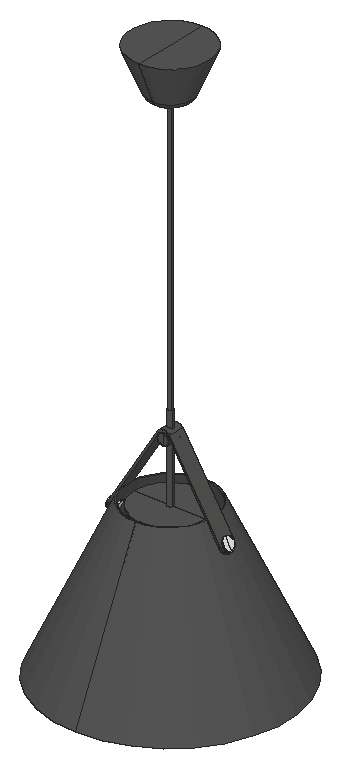
Revit family "Lighting_Pendants_Nordlux_Strap_36", category Lighting Fixtures, host Ceiling, Revit 2017
Family settings
  Host = Ceiling
  Round Connector Dimension = Use Diameter
  Part Type = Normal
  OmniClass Number = 23.80.70.11
  OmniClass Title = Luminaries for Internal Lighting
  Always vertical = Yes
  Cut with Voids When Loaded = No
  Light Source = Yes
  Shared = No
  Room Calculation Point = No
Parameters (values of type "Strap 36 - black with black straps")
  Wattage = 6.7321 W
  WarrantyStartDate [instance] = "n/a"
  WarrantyGuarantorParts = "n/a"
  WarrantyGuarantorLabor = "n/a"
  WarrantyDurationUnit = "Hours"
  WarrantyDurationParts = "n/a"
  WarrantyDurationLabor = "n/a"
  WarrantyDescription = "n/a"
  built-in parameter 1150110 = 1 (stored number, unit not read)
  VersionDate = "01/07/2020"  # constant formula
  Version = "1"  # constant formula
  UsageCurrent = 0 A
  Uniclass2015Reference = "Pr_70_70_48_62"
  Uniclass2015Description = "Pendant  luminaires"
  Uniclass2 = "Pr_70_70_49_86"
  URL = "https://www.nordlux.com/products/product/84343003"
  TotalWattage = 40 W
  built-in parameter 1114217 = 1 (stored number, unit not read)
  Tilt Angle = 90.00°
  built-in parameter 1150109 = 1 (stored number, unit not read)
  built-in parameter 1150134 = (empty or 0)
  TagNumber [instance] = "n/a"
  SustainabilityPerformance = "n/a"
  built-in parameter 1150113 = 1 (stored number, unit not read)
  Socket = "E27"
  Size = "Shade: 360x360x370 mm / Canopy: 120x120x73 mm"
  Shape = "Sculptured"
  SerialNumber [instance] = "n/a"
  Revision = "1"  # constant formula
  ReplacementCost = "n/a"
  ProductInformation = "n/a"
  Product data url = "https://www.bimobject.com/nordlux/product/strap_36_pendant"
  Photometric Web File = "8434 Strap 36 Pendel.ies"
  PhaseReference = "n/a"
  PhaseAngle = 0.00°
  NumberOfSources = 0
  NumberOfPoles = 1
  NominalWidth = NominalDiameter  # 360 mm
  NominalVoltageCalc = 0 V
  NominalVoltage = 230 V
  NominalRadius = NominalDiameter / 2  # 180 mm
  NominalLength = NominalDiameter  # 360 mm
  NominalHeight [instance] = CableLengthControl + 364.5 mm  # 864.5 mm
  NominalFrequencyRange = 50 Hz
  NominalDiameter = 360 mm
  NominalCurrent = 0 A
  Name = "Strap_36"  # constant formula
  NBSReference = "90-60-50/405"
  NBSDescription = "General purpose luminaires"
  ModelReference = ArticleNumber  # "84343003"
  ModelNumber = "n/a"
  Model = "Strap 36 - black with black straps"
  Material = "Metal, leather & textile"
  ManufacturersSpecificInformation = "n/a"
  ManufacturerURL = "https://www.nordlux.com/"
  ManufacturerName = "Nordlux"
  Manufacturer = "Nordlux"
  MaintenanceFactor = 0
  Lumens = 1000 lm
  built-in parameter 1150115 = 1 (stored number, unit not read)
  built-in parameter 1150105 = 360.88 (stored number, unit not read)
  LightSource = "Not included"
  LightFixtureTertiaryMaterial = Black leather
  LightFixtureSecondaryMaterial = Black cable
  LightFixtureQuaternaryMaterial = Chrome
  LightFixturePlacingType = "Ceilling"
  LightFixtureMountingType = "Suspended"
  LightFixtureMainMaterial = Black
  built-in parameter 1150137 = (empty or 0)
  built-in parameter 1150139 = (empty or 0)
  LensMaterial = Glass
  built-in parameter 1150112 = 1 (stored number, unit not read)
  built-in parameter 1150114 = 1 (stored number, unit not read)
  InsulationStandardClass = "Class 2 (Double isolated)"
  InstallationDate [instance] = "n/a"
  built-in parameter 1150132 = 2
  built-in parameter 1150102 = (empty or 0)
  built-in parameter 1150138 = (empty or 0)
  built-in parameter 1150107 = 3000 (stored number, unit not read)
  built-in parameter 1150106 = 3.6088 (stored number, unit not read)
  IfcExportType = "NOTDEFINED"  # constant formula
  IfcExportAs = "IfcLightFixtureType"  # constant formula
  IP_Code = "IP20"
  HasProtectiveEarth = no
  Grade = "n/a"
  Finish = "Primary material metal, secondary material leather, textile cable."
  Features = "Textile cable 300cm. Cable can not be replaced."
  ExpectedLife = "n/a"
  EnergyClass = "A++ -D"
  Emit from Circle Diameter = 60 mm
  Emit Shape Visible in Rendering = no
  ElectricalDeviceNominalPower = 0
  built-in parameter 1150104 = 13.8 (stored number, unit not read)
  EANNumber = "5701581338289"
  DurationUnit = "Hours"
  Dimming Lamp Color Temperature Shift = <None>
  Designer = "BJORN + BALLE"
  Description = "Metal and leather go well with the light Nordic style. The combination of these materials also allows the light to visually interact with a modern interior, where combining materials is one of the biggest current trends. With STRAP it seems obvious – just as obvious as how a Nordic light design is named after a leather strap. The narrow and elegant leather gives STRAP both a warm and raw look, which balances between the classic and the industrial. It comes with two leather straps in brown and black respectively, so it's up to you to give the STRAP the final look."
  DefaultElevation = 0 mm
  ConvergoRefNr = "0143-1909-0014-DK"  # constant formula
  Constituents = "n/a"
  Color Filter = 16777215
  Color = "Black"
  Collection = "Strap"
  CodePerformance = "n/a"
  Category = "Indoor lighting"
  CableLengthControl [instance] = if(CableLength < 250 mm, 250 mm, if(CableLength > 3000 mm, 3000 mm, CableLength))  # 500 mm
  CableLength [instance] = 500 mm
  Brand = "Nordlux"
  Barcode [instance] = "n/a"
  built-in parameter 1114218 = 1 (stored number, unit not read)
  BIMObjectName = "Lighting_Pendants_Nordlux_Strap_36"  # constant formula
  Author = "Convergo AB"  # constant formula
  built-in parameter 1150133 = 10 (stored number, unit not read)
  AssetType = "Fixed"
  AssetIdentifier [instance] = "n/a"
  ArticleNumber = "84343003"
  AccessibilityPerformance = "n/a"
Types (6, lengths in mm): name | URL | ModelReference | Model | LightFixtureTertiaryMaterial | LightFixtureSecondaryMaterial | LightFixtureMainMaterial | EANNumber | Color | ArticleNumber
  Strap 36 - black with black straps | "https://www.nordlux.com/products/product/84343003" | "84343003" | "Strap 36 - black with black straps" | Black leather | Black cable | Black | "5701581338289" | "Black" | "84343003"
  Strap 36 - white with black straps | "https://www.nordlux.com/products/product/84343001" | "84343001" | "Strap 36 - white with black straps" | Black leather | White cable | White | "5701581338180" | "White" | "84343001"
  Strap 36 - brushed steel with black straps | "https://www.nordlux.com/products/product/84343032" | "84343032" | "Strap 36 - brushed steel with black straps" | Black leather | Black cable | Brushed steel | "5701581338487" | "Brushed steel" | "84343032"
  Strap 36 - black with brown straps | "https://www.nordlux.com/products/product/84343003" | "84343003" | "Strap 36 - black with brown straps" | Brown leather | Black cable | Black | "5701581338289" | "Black" | "84343003"
  Strap 36 - brushed steel with brown straps | "https://www.nordlux.com/products/product/84343032" | "84343032" | "Strap 36 - brushed steel with brown straps" | Brown leather | Black cable | Brushed steel | "5701581338487" | "Brushed steel" | "84343032"
  Strap 36 - white with brown straps | "https://www.nordlux.com/products/product/84343001" | "84343001" | "Strap 36 - white with brown straps" | Brown leather | White cable | White | "5701581338180" | "White" | "84343001"
Reference planes
  plane 1 "Light Source Axis (F/B)": y = 0
  plane 2: z = 0
  plane 3 "Light Source Axis (L/R)": x = 0
  plane 4 "Ceiling": z = 4000
  plane 5 "Light Source Elevation": z = 3274.404
  plane 6: x = -180
  plane 7: y = 180
  plane 8: x = 180
  plane 9: y = -180
  plane 10: z = 3500
  plane 11: z = 3135.5
Forms (mm)
  Extrusion 1, solid, material "Black" <- "LightFixtureMainMaterial", detail levels coarse
    sketch origin (0, 6000, 3135.5) x (0, 1, 0) y (1, 0, 0)
      loop
        line (-5820, -180) -> (-5820, 180) -> (-6180, 180) -> (-6180, -180) -> (-5820, -180)
    from 0 to -864.5
Lines and regions (mm)
  symbolic lines
    curve 1: line (3, 0, 4000) -> (-3, 0, 4000)
  symbolic lines, detail levels medium+fine
    curve 2: line (3, 0, 3927) -> (3, 0, 3500)
    curve 3: line (-3, 0, 3927) -> (-3, 0, 3500)
    curve 4: line (0, 3, 3927) -> (0, 3, 3500)
    curve 5: line (0, -3, 3927) -> (0, -3, 3500)
Dimensions and locks
  equal spacing: host sketch curve, plane 3 "Light Source Axis (L/R)", host sketch curve
  equal spacing: host sketch curve, plane 1 "Light Source Axis (F/B)", host sketch curve
  host sketch curve to host sketch curve = 4000 mm  (x2)
  locked: plane 4 "Ceiling" to host ceiling at 0
  equal spacing: plane 9, plane 1 "Light Source Axis (F/B)", plane 7
  "NominalDiameter": plane 7 to plane 9
  equal spacing: plane 6, plane 3 "Light Source Axis (L/R)", plane 8
  "NominalDiameter": plane 6 to plane 8
  "CableLengthControl": plane 10 to plane 4 "Ceiling"
  locked: plane 11 to plane 5 "Light Source Elevation" at 138.904
  "NominalHeight": plane 11 to plane 4 "Ceiling"
  aligned and locked: plane 3 "Light Source Axis (L/R)" to imposter light
  aligned and locked: plane 1 "Light Source Axis (F/B)" to imposter light
  aligned and locked: plane 5 "Light Source Elevation" to imposter light
  aligned and locked: plane 4 "Ceiling" to curve 1  (x2)
  aligned and locked: plane 7 to Extrusion 1 sketch curve
  aligned and locked: plane 6 to Extrusion 1 sketch curve
  aligned and locked: plane 9 to Extrusion 1 sketch curve
  aligned and locked: plane 8 to Extrusion 1 sketch curve
  aligned and locked: Extrusion 1 to plane 4 "Ceiling"
  aligned and locked: curve 2 to nested 2
  aligned and locked: curve 3 to nested 2
  aligned and locked: plane 10 to curve 2
  aligned and locked: plane 10 to curve 3
  aligned and locked: curve 4 to nested 2
  aligned and locked: curve 5 to nested 2
  aligned and locked: plane 10 to curve 5
  aligned and locked: plane 10 to curve 4
  aligned and locked: nested 2 to plane 4 "Ceiling"
  aligned and locked: plane 3 "Light Source Axis (L/R)" to nested 1
  aligned and locked: nested 1 to plane 11
Automatic sketch dimensions
  plane 1 "Light Source Axis (F/B)" to curve 5 = 3 mm
  curve 4 to plane 1 "Light Source Axis (F/B)" = 3 mm
  curve 1 to plane 3 "Light Source Axis (L/R)" = 3 mm
  curve 3 to plane 3 "Light Source Axis (L/R)" = 3 mm
  plane 3 "Light Source Axis (L/R)" to curve 2 = 3 mm
  plane 3 "Light Source Axis (L/R)" to curve 1 = 3 mm
Nested families
  nested 1: "Strap_36" at (0, 0, 3135.501), Metal <- "LightFixtureMainMaterial", Glass <- "LensMaterial", Nuts <- "LightFixtureQuaternaryMaterial", Strap <- "LightFixtureTertiaryMaterial", type "Strap_36"
    with Strap Black leather, Nuts Chrome, Metal Black, Glass Glass
  nested 2: "CeillingCap" at (0, 0, 4000) x (1, 0, 0) z (0, 0, -1), Cable <- "LightFixtureSecondaryMaterial", Metal <- "LightFixtureMainMaterial", CableLength <- "CableLengthControl", type "CeillingCap"
    with Metal Black, CableLength 500 mm, Cable Black cable
Connectors
  electrical at (0, 0, 4000), driven by "NumberOfPoles", driven by "NominalVoltage"
    settings: on nested 2, index 1, voltage 230 V, apparent load 0 VA, apparent load phase1 0 VA, apparent load phase2 0 VA, apparent load phase3 0 VA, power factor 1, load classification "Other", number of poles 1, system type 31, power factor state 1, is connector primary yes, connector utility no, sub classification motor no, connector description ""
Definition of nested family "Strap_36"
  Parameters (values of type "Strap_36")
    Strap [instance] = none
    Nuts [instance] = none
    Metal [instance] = none
    Glass [instance] = none
  Reference planes
    plane 1 "Center (Front/Back)": y = 0
    plane 2: z = 0
    plane 3 "Center (Left/Right)": x = 0
    plane 4: z = 364.451
    plane 5: z = 138.903
  Forms (mm)
    Revolve 1, solid, material <- "Metal", detail levels medium+fine
      sketch origin (0, 0, 0) x (0, 1, 0) y (0, 0, 1)
        loop
          line (178.559, -0.001) -> (179.968, 0.513)
          arc (179.968, 0.513) -> (128.488, 122.712) -> (66.656, 240.014) r 1535.455
          line (66.656, 240.014) -> (65.36, 239.258)
          arc (65.36, 239.258) -> (127.13, 122.075) -> (178.559, -0.001) r 1533.955
        axis (0, 240.014) -> (0, -0.001)
      angle from 0 to 360
    Revolve 2, solid, material <- "Glass", detail levels medium+fine
      sketch origin (0, 0, 108.111) x (0, 1, 0) y (0, 0, 1)
        loop
          line (0, 30.793) -> (25, 30.793) -> (25, 32.793) -> (22.5, 32.793) -> (22.5, 39.96)
          arc (22.5, 39.96) -> (19.463, 53.223) -> (10.957, 63.843) r 30.481
          line (10.957, 63.843) -> (10.957, 72.697) -> (0, 72.697) -> (0, 30.793)
        axis (0, 72.697) -> (0, 30.793)
      angle from 0 to 360
    Revolve 3, solid, material <- "Metal", detail levels medium+fine
      sketch origin (0, 0, 0) x (1, 0, 0) y (0, 0, 1)
        loop
          line (-20.402, 204.821) -> (-19.086, 161.968) -> (-10.957, 161.968) -> (-10.957, 169.319) -> (0, 169.319) -> (0, 364.451) -> (-4, 364.451) -> (-4, 233.484) -> (-55.064, 233.484) -> (-55.064, 230.52) -> (-12.069, 230.52) -> (-12.069, 220.52) -> (-10.953, 220.52) -> (-10.953, 217.15) -> (-19.083, 214.715) -> (-19.083, 212.248) -> (-16.998, 212.248) -> (-16.998, 204.821) -> (-20.402, 204.821)
        axis (0, 161.968) -> (0, 364.451)
      angle from 0 to 360
    Extrusion 4, solid, material <- "Strap", detail levels medium+fine
      sketch origin (0, 0, 0) x (1, 0, 0) y (0, 0, 1)
        loop
          arc (-6.618, 334.755) -> (0, 338.241) -> (6.618, 334.755) r 8.026
          arc (6.618, 334.755) -> (50.066, 267.763) -> (89.973, 198.603) r 1535.455
          line (89.973, 198.603) -> (93.049, 200.273)
          arc (93.049, 200.273) -> (53.051, 269.591) -> (9.504, 336.736) r 1538.955
          arc (9.504, 336.736) -> (0, 341.741) -> (-9.504, 336.736) r 11.526
          arc (-9.504, 336.736) -> (-53.051, 269.591) -> (-93.049, 200.273) r 1538.955
          line (-93.049, 200.273) -> (-89.973, 198.603)
          arc (-89.973, 198.603) -> (-50.066, 267.763) -> (-6.618, 334.755) r 1535.455
      from -12 to 12
    Sweep 5, void
      path in 3D
        loop
          line (-89.314, 12, 198.245) -> (-93.708, 12, 200.631)
      profile origin (-91.511, 12, 199.438) x (0.477094, 0, 0.878852) y (0, 1, 0)
        loop
          line (-1, 0) -> (-1, -24) -> (12, -24)
          arc (12, -24) -> (0, -12) -> (12, 0) r 12
          line (12, 0) -> (-1, 0)
    Revolve 6, solid, material <- "Nuts", detail levels medium+fine
      sketch origin (0, 0, 0) x (1, 0, 0) y (0, 0, 1)
        loop
          line (-89.511, 211.623) -> (-78.62, 205.674) -> (-75.012, 212.279)
          arc (-75.012, 212.279) -> (-74.971, 212.659) -> (-75.211, 212.957) r 0.5
          line (-75.211, 212.957) -> (-77.309, 214.103) -> (-76.362, 215.835) -> (-77.18, 216.282)
          arc (-77.18, 216.282) -> (-79.648, 213.1) -> (-81.695, 209.633) r 31.869
          line (-81.695, 209.633) -> (-86.285, 212.139) -> (-82.45, 219.16) -> (-84.278, 220.159)
          arc (-84.278, 220.159) -> (-84.659, 220.2) -> (-84.957, 219.96) r 0.5
          line (-84.957, 219.96) -> (-89.511, 211.623)
        axis (-89.511, 211.623) -> (-78.62, 205.674)
      angle from 0 to 360
    Revolve 7, solid, material <- "Metal", detail levels medium+fine
      sketch origin (0, 0, 0) x (0, 1, 0) y (0, 0, 1)
        loop
          line (14.001, 329.45) -> (14.001, 337.741)
          arc (14.001, 337.741) -> (13.854, 338.094) -> (13.501, 338.241) r 0.5
          line (13.501, 338.241) -> (-13.499, 338.241)
          arc (-13.499, 338.241) -> (-13.853, 338.094) -> (-13.999, 337.741) r 0.5
          line (-13.999, 337.741) -> (-13.999, 329.45) -> (14.001, 329.45)
        axis (-13.999, 329.45) -> (14.001, 329.45)
      angle from 0 to 360
    Sweep 8, void
      path in 3D
        loop
          line (89.314, 12, 198.245) -> (93.708, 12, 200.631)
      profile origin (91.511, 12, 199.438) x (0.477094, 0, -0.878852) y (0, 1, 0)
        loop
          line (1, 0) -> (-12, 0)
          arc (-12, 0) -> (0, -12) -> (-12, -24) r 12
          line (-12, -24) -> (1, -24) -> (1, 0)
    Revolve 9, solid, material <- "Nuts", detail levels medium+fine
      sketch origin (0, 0, 0) x (-1, 0, 0) y (0, 0, 1)
        loop
          line (-89.511, 211.623) -> (-78.62, 205.674) -> (-75.012, 212.279)
          arc (-75.012, 212.279) -> (-74.971, 212.659) -> (-75.211, 212.957) r 0.5
          line (-75.211, 212.957) -> (-77.309, 214.103) -> (-76.362, 215.835) -> (-77.18, 216.282)
          arc (-77.18, 216.282) -> (-79.648, 213.1) -> (-81.695, 209.633) r 31.869
          line (-81.695, 209.633) -> (-86.285, 212.139) -> (-82.45, 219.16) -> (-84.278, 220.159)
          arc (-84.278, 220.159) -> (-84.659, 220.2) -> (-84.957, 219.96) r 0.5
          line (-84.957, 219.96) -> (-89.511, 211.623)
        axis (-89.511, 211.623) -> (-78.62, 205.674)
      angle from 0 to 360
  Cuts and joins
    Sweep 5, Sweep 8 cuts Extrusion 4
    joined: Revolve 1, Revolve 3, Revolve 7
    joined: Revolve 6, Revolve 9
  Lines and regions (mm)
    sketch lines
      curve 1: line (-89.314, 12, 198.245) -> (-93.708, 12, 200.631)
      curve 2: line (89.314, 12, 198.245) -> (93.708, 12, 200.631)
    symbolic lines, detail levels medium+fine
      curve 3: line (0, 0, -0.001) -> (-178.559, 0, -0.001)
      curve 4: line (-179.968, 0, 0.513) -> (-178.559, 0, -0.001)
      curve 7: arc (-9.504, 0, 336.736) -> (-47.354, 0, 278.824) -> (-82.562, 0, 219.27) r 1538.955
      curve 8: line (-92.237, 0, 201.766) -> (-93.819, 0, 202.627)
      curve 9: line (-82.562, 0, 219.27) -> (-84.258, 0, 220.193)
      curve 10: line (-84.936, 0, 219.993) -> (-94.019, 0, 203.305)
      curve 11: arc (-84.258, 0, 220.193) -> (-84.638, 0, 220.234) -> (-84.936, 0, 219.993) r 0.5
      curve 12: arc (-94.019, 0, 203.305) -> (-94.06, 0, 202.924) -> (-93.819, 0, 202.627) r 0.5
      curve 17: line (-3, 0, 364.451) -> (-4, 0, 364.451)
      curve 18: line (-4, 0, 364.451) -> (-4, 0, 341.024)
      curve 21: line (-93.049, 0, 200.273) -> (-89.973, 0, 198.603)
      curve 22: arc (-89.973, 0, 198.603) -> (-138.484, 0, 101.154) -> (-179.968, 0, 0.513) r 1535.455
      curve 23: arc (-92.237, 0, 201.766) -> (-92.643, 0, 201.02) -> (-93.049, 0, 200.273) r 1538.955
      curve 25: arc (-4, 0, 341.024) -> (-7.084, 0, 339.306) -> (-9.504, 0, 336.736) r 11.526
      curve 26: line (0, 0, -0.001) -> (178.559, 0, -0.001)
      curve 27: line (179.968, 0, 0.513) -> (178.559, 0, -0.001)
      curve 30: arc (9.504, 0, 336.736) -> (47.354, 0, 278.824) -> (82.562, 0, 219.27) r 1538.955
      curve 31: line (92.237, 0, 201.766) -> (93.819, 0, 202.627)
      curve 32: line (82.562, 0, 219.27) -> (84.258, 0, 220.193)
      curve 33: line (84.936, 0, 219.993) -> (94.019, 0, 203.305)
      curve 34: arc (84.258, 0, 220.193) -> (84.638, 0, 220.234) -> (84.936, 0, 219.993) r 0.5
      curve 35: arc (94.019, 0, 203.305) -> (94.06, 0, 202.924) -> (93.819, 0, 202.627) r 0.5
      curve 39: line (3, 0, 364.451) -> (4, 0, 364.451)
      curve 40: line (4, 0, 364.451) -> (4, 0, 341.024)
      curve 43: line (93.049, 0, 200.273) -> (89.973, 0, 198.603)
      curve 44: arc (89.973, 0, 198.603) -> (138.484, 0, 101.154) -> (179.968, 0, 0.513) r 1535.455
      curve 45: arc (92.237, 0, 201.766) -> (92.643, 0, 201.02) -> (93.049, 0, 200.273) r 1538.955
      curve 47: arc (4, 0, 341.024) -> (7.084, 0, 339.306) -> (9.504, 0, 336.736) r 11.526
      curve 48: arc (0, 179.968, 0.513) -> (0, 128.488, 122.712) -> (0, 66.656, 240.014) r 1535.455
      curve 49: line (0, 178.559, -0.001) -> (0, 179.968, 0.513)
      curve 51: line (0, 0, -0.001) -> (0, 178.559, -0.001)
      curve 52: line (0, 12, 240.014) -> (0, 66.656, 240.014)
      curve 59: line (0, 12, 320.644) -> (0, 13.5, 320.644)
      curve 60: line (0, 12, 338.241) -> (0, 13.5, 338.241)
      curve 61: line (0, 14, 337.741) -> (0, 14, 321.144)
      curve 62: arc (0, 13.5, 338.241) -> (0, 13.854, 338.095) -> (0, 14, 337.741) r 0.5
      curve 63: arc (0, 14, 321.144) -> (0, 13.854, 320.791) -> (0, 13.5, 320.644) r 0.5
      curve 64: line (0, 12, 338.241) -> (0, 12, 341.741)
      curve 66: line (0, 12, 341.741) -> (0, 4, 341.741)
      curve 67: line (0, 4, 364.451) -> (0, 4, 341.741)
      curve 68: line (0, 4, 364.451) -> (0, 3, 364.451)
      curve 71: line (0, 12, 240.014) -> (0, 12, 320.644)
      curve 72: arc (0, -179.968, 0.513) -> (0, -128.488, 122.712) -> (0, -66.656, 240.014) r 1535.455
      curve 73: line (0, -178.559, -0.001) -> (0, -179.968, 0.513)
      curve 75: line (0, 0, -0.001) -> (0, -178.559, -0.001)
      curve 76: line (0, -12, 240.014) -> (0, -66.656, 240.014)
      curve 83: line (0, -12, 320.644) -> (0, -13.5, 320.644)
      curve 84: line (0, -12, 338.241) -> (0, -13.5, 338.241)
      curve 85: line (0, -14, 337.741) -> (0, -14, 321.144)
      curve 86: arc (0, -13.5, 338.241) -> (0, -13.854, 338.095) -> (0, -14, 337.741) r 0.5
      curve 87: arc (0, -14, 321.144) -> (0, -13.854, 320.791) -> (0, -13.5, 320.644) r 0.5
      curve 88: line (0, -12, 338.241) -> (0, -12, 341.741)
      curve 90: line (0, -12, 341.741) -> (0, -4, 341.741)
      curve 91: line (0, -4, 364.451) -> (0, -4, 341.741)
      curve 92: line (0, -4, 364.451) -> (0, -3, 364.451)
      curve 95: line (0, -12, 240.014) -> (0, -12, 320.644)
      curve 96: circle (0, 0, 0) r 179.968 normal (0, 0, 1)
    symbolic lines, detail levels fine
      curve 5: arc (-66.656, 0, 240.014) -> (-78.475, 0, 219.399) -> (-89.973, 0, 198.603) r 1535.455
      curve 6: line (-179.968, 0, 0.513) -> (0, 0, 0.513)
      curve 13: arc (-66.656, 0, 240.014) -> (-38.314, 0, 286.651) -> (-8.332, 0, 332.252) r 1535.455
      curve 14: circle (0, 0, 329.45) r 8.791 normal (0, -1, 0)
      curve 15: arc (0, 0, 341.741) -> (-2.032, 0, 341.56) -> (-4, 0, 341.024) r 11.526
      curve 16: line (-3, 0, 364.451) -> (0, 0, 364.451)
      curve 19: line (-4, 0, 321.622) -> (-4, 0, 240.014)
      curve 20: line (0, 0, 240.014) -> (-66.656, 0, 240.014)
      curve 24: arc (-82.562, 0, 219.27) -> (-87.428, 0, 210.534) -> (-92.237, 0, 201.766) r 1538.955
      curve 28: arc (66.656, 0, 240.014) -> (78.475, 0, 219.399) -> (89.973, 0, 198.603) r 1535.455
      curve 29: line (179.968, 0, 0.513) -> (0, 0, 0.513)
      curve 36: arc (66.656, 0, 240.014) -> (38.314, 0, 286.651) -> (8.332, 0, 332.252) r 1535.455
      curve 37: arc (0, 0, 341.741) -> (2.032, 0, 341.56) -> (4, 0, 341.024) r 11.526
      curve 38: line (3, 0, 364.451) -> (0, 0, 364.451)
      curve 41: line (4, 0, 321.622) -> (4, 0, 240.014)
      curve 42: line (0, 0, 240.014) -> (66.656, 0, 240.014)
      curve 46: arc (82.562, 0, 219.27) -> (87.428, 0, 210.534) -> (92.237, 0, 201.766) r 1538.955
      curve 50: line (0, 0, 0.513) -> (0, 179.968, 0.513)
      curve 53: line (0, 12, 209.138) -> (0, 12, 240.014)
      curve 54: spline (0, 12, 209.138) -> (0, 11.899, 207.766) -> (0, 11.594, 206.417) -> (0, 11.09, 205.114) -> (0, 10.396, 203.88) -> (0, 9.525, 202.735) -> (0, 8.49, 201.699) -> (0, 7.309, 200.79) -> (0, 6.004, 200.023) -> (0, 4.595, 199.412) -> (0, 3.108, 198.967) -> (0, 1.567, 198.696) -> (0, 0, 198.603)
      curve 55: spline (0, 12, 210.808) -> (0, 11.899, 209.436) -> (0, 11.594, 208.087) -> (0, 11.09, 206.784) -> (0, 10.396, 205.55) -> (0, 9.525, 204.405) -> (0, 8.49, 203.369) -> (0, 7.309, 202.46) -> (0, 6.004, 201.693) -> (0, 4.595, 201.082) -> (0, 3.108, 200.637) -> (0, 1.567, 200.366) -> (0, 0, 200.273)
      curve 56: spline (0, 9.989, 210.797) -> (0, 9.962, 209.615) -> (0, 9.753, 208.447) -> (0, 9.368, 207.314) -> (0, 8.813, 206.237) -> (0, 8.098, 205.235) -> (0, 7.235, 204.326) -> (0, 6.242, 203.528) -> (0, 5.135, 202.854) -> (0, 3.935, 202.316) -> (0, 2.664, 201.925) -> (0, 1.344, 201.688) -> (0, 0, 201.608)
      curve 57: line (0, 9.989, 210.797) -> (0, 9.989, 211.768)
      curve 58: spline (0, 9.989, 211.768) -> (0, 9.962, 212.95) -> (0, 9.753, 214.118) -> (0, 9.368, 215.251) -> (0, 8.813, 216.328) -> (0, 8.098, 217.33) -> (0, 7.235, 218.238) -> (0, 6.242, 219.037) -> (0, 5.135, 219.711) -> (0, 3.935, 220.248) -> (0, 2.664, 220.639) -> (0, 1.344, 220.877) -> (0, 0, 220.957)
      curve 65: line (0, 12, 320.644) -> (0, 12, 338.241)
      curve 69: line (0, 3, 364.451) -> (0, 0, 364.451)
      curve 70: arc (0, 4, 341.741) -> (0, 2.071, 340.941) -> (0, 0, 340.669) r 8
      curve 74: line (0, 0, 0.513) -> (0, -179.968, 0.513)
      curve 77: line (0, -12, 209.138) -> (0, -12, 240.014)
      curve 78: spline (0, -12, 209.138) -> (0, -11.899, 207.766) -> (0, -11.594, 206.417) -> (0, -11.09, 205.114) -> (0, -10.396, 203.88) -> (0, -9.525, 202.735) -> (0, -8.49, 201.699) -> (0, -7.309, 200.79) -> (0, -6.004, 200.023) -> (0, -4.595, 199.412) -> (0, -3.108, 198.967) -> (0, -1.567, 198.696) -> (0, 0, 198.603)
      curve 79: spline (0, -12, 210.808) -> (0, -11.899, 209.436) -> (0, -11.594, 208.087) -> (0, -11.09, 206.784) -> (0, -10.396, 205.55) -> (0, -9.525, 204.405) -> (0, -8.49, 203.369) -> (0, -7.309, 202.46) -> (0, -6.004, 201.693) -> (0, -4.595, 201.082) -> (0, -3.108, 200.637) -> (0, -1.567, 200.366) -> (0, 0, 200.273)
      curve 80: spline (0, -9.989, 210.797) -> (0, -9.962, 209.615) -> (0, -9.753, 208.447) -> (0, -9.368, 207.314) -> (0, -8.813, 206.237) -> (0, -8.098, 205.235) -> (0, -7.235, 204.326) -> (0, -6.242, 203.528) -> (0, -5.135, 202.854) -> (0, -3.935, 202.316) -> (0, -2.664, 201.925) -> (0, -1.344, 201.688) -> (0, 0, 201.608)
      curve 81: line (0, -9.989, 210.797) -> (0, -9.989, 211.768)
      curve 82: spline (0, -9.989, 211.768) -> (0, -9.962, 212.95) -> (0, -9.753, 214.118) -> (0, -9.368, 215.251) -> (0, -8.813, 216.328) -> (0, -8.098, 217.33) -> (0, -7.235, 218.238) -> (0, -6.242, 219.037) -> (0, -5.135, 219.711) -> (0, -3.935, 220.248) -> (0, -2.664, 220.639) -> (0, -1.344, 220.877) -> (0, 0, 220.957)
      curve 89: line (0, -12, 320.644) -> (0, -12, 338.241)
      curve 93: line (0, -3, 364.451) -> (0, 0, 364.451)
      curve 94: arc (0, -4, 341.741) -> (0, -2.071, 340.941) -> (0, 0, 340.669) r 8
      curve 97: circle (0, 0, 0) r 178.559 normal (0, 0, 1)
      curve 98: circle (0, 0, 0) r 65.36 normal (0, 0, 1)
      curve 99: circle (0, 0, 0) r 55.064 normal (0, 0, 1)
      curve 100: line (-64.249, 12, 0) -> (-53.74, 12, 0)
      curve 101: line (-64.249, -12, 0) -> (-53.74, -12, 0)
      curve 102: line (53.74, 12, 0) -> (64.249, 12, 0)
      curve 103: line (53.74, -12, 0) -> (64.249, -12, 0)
  Dimensions and locks
    aligned and locked: level to plane 2
Definition of nested family "CeillingCap"
  Parameters (values of type "CeillingCap")
    Metal [instance] = none
    Default Elevation = 1219.2 mm
    CableLength [instance] = 250 mm
    Cable [instance] = none
  Reference planes
    plane 1 "Center (Front/Back)": y = 0
    plane 2: z = 0
    plane 3 "Center (Left/Right)": x = 0
  Forms (mm)
    Revolve 1, solid, material <- "Metal", detail levels medium+fine
      sketch origin (0, 0, 0) x (0, 1, 0) y (0, 0, 1)
        loop
          line (0, 0) -> (60, 0) -> (33.516, 63.754)
          arc (33.516, 63.754) -> (20.044, 72.995) -> (6.121, 64.449) r 15
          line (6.121, 64.449) -> (0, 64.449) -> (0, 0)
        axis (0, 64.449) -> (0, 0)
      angle from 0 to 360
    Extrusion 2, solid, material <- "Cable", detail levels medium+fine
      sketch origin (0, 0, 0) x (1, 0, 0) y (0, 1, 0)
        loop
          circle (0, 0) r 3
      from 10 to 250 <- "CableLength"
  Lines and regions (mm)
    symbolic lines, detail levels medium+fine
      curve 1: line (0, 0, 0) -> (-60, 0, 0)
      curve 2: line (-33.516, 0, 63.754) -> (-60, 0, 0)
      curve 3: arc (-19.664, 0, 73) -> (-27.991, 0, 70.476) -> (-33.516, 0, 63.754) r 15
      curve 4: line (-3, 0, 73) -> (-19.664, 0, 73)
      curve 6: line (0, 0, 0) -> (60, 0, 0)
      curve 7: line (33.516, 0, 63.754) -> (60, 0, 0)
      curve 8: arc (19.664, 0, 73) -> (27.991, 0, 70.476) -> (33.516, 0, 63.754) r 15
      curve 9: line (3, 0, 73) -> (19.664, 0, 73)
      curve 11: line (0, 60, 0) -> (0, 0, 0)
      curve 12: line (0, 60, 0) -> (0, 33.516, 63.754)
      curve 13: arc (0, 33.516, 63.754) -> (0, 27.991, 70.476) -> (0, 19.664, 73) r 15
      curve 14: line (0, 3, 73) -> (0, 19.664, 73)
      curve 16: line (0, -60, 0) -> (0, 0, 0)
      curve 17: line (0, -60, 0) -> (0, -33.516, 63.754)
      curve 18: arc (0, -33.516, 63.754) -> (0, -27.991, 70.476) -> (0, -19.664, 73) r 15
      curve 19: line (0, -3, 73) -> (0, -19.664, 73)
    symbolic lines, detail levels fine
      curve 5: line (0, 0, 73) -> (-3, 0, 73)
      curve 10: line (0, 0, 73) -> (3, 0, 73)
      curve 15: line (0, 0, 73) -> (0, 3, 73)
      curve 20: line (0, 0, 73) -> (0, -3, 73)
  Dimensions and locks
    aligned and locked: level to plane 2
